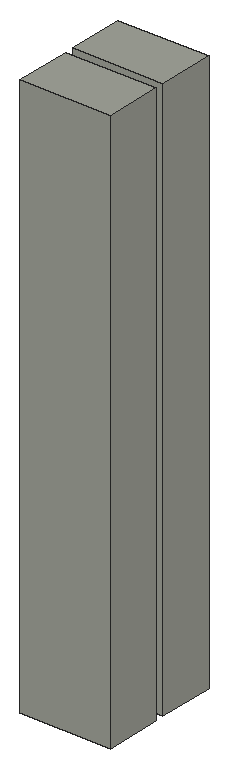
Revit family "CT_Pilar_Con_Retang_Junta", category Structural Columns, Revit 2025
Family settings
  Display in Hidden Views = Edges Hidden by Other Members
  Section Shape = Not Defined
  Material for Model Behavior = Concrete
  Always export as geometry = No
  Beam cutback in plan = From bounding box
  OmniClass Number = 23.25.30.11.14.11
  OmniClass Title = Columns
  Cut with Voids When Loaded = No
  Symbolic Representation = From Family
  Shared = No
  Show family pre-cut in plan views = Yes
Parameters (values of type "PIL_040x054_FAI_CON_RET_JDI")
  b = 0.40 m
  Raio_Coluna = 0.20 m
  H2 = (H1 / 2) - 0.02 m  # 0.25 m
  H1 = 0.54 m
  Structural Material [instance] = CT_Concreto
Reference planes (m)
  plane 1 "Center (Front/Back)": y = -0.172701
  plane 2: z = 0
  plane 3 "Center (Left/Right)": x = 0
  plane 4: x = -0.2
  plane 5: x = 0.2
  plane 6: y = 0.097299
  plane 7: y = -0.442701
  plane 8: y = -0.152701
  plane 9: y = -0.192701
  plane 10: y = -0.072701
Forms (m)
  Extrusion 1, solid, material "CT_Concreto" <- "Structural Material"
    sketch origin (0, 0, 0) x (1, 0, 0) y (0, 1, 0)
      loop
        line (-0.2, 0.097299) -> (-0.2, -0.152701) -> (0.2, -0.152701) -> (0.2, 0.097299) -> (-0.2, 0.097299)
    from 0 to 2.5
  Extrusion 2, solid, material "CT_Concreto" <- "Structural Material"
    sketch origin (0, -0.345403, 0) x (1, 0, 0) y (0, 1, 0)
      loop
        line (-0.2, -0.097299) -> (0.2, -0.097299) -> (0.2, 0.152701) -> (-0.2, 0.152701) -> (-0.2, -0.097299)
    from 0 to 2.5
Dimensions and locks (m)
  equal spacing: plane 4, plane 3 "Center (Left/Right)", plane 5
  "H1": plane 7 to plane 6
  "b": plane 4 to plane 5
  plane 8 to plane 9 = 0.04 m
  equal spacing: plane 8, plane 1 "Center (Front/Back)", plane 9
  "H2": plane 7 to plane 9
  "H2": plane 8 to plane 6
  aligned and locked: level to plane 2
  aligned and locked: Extrusion 1 to plane 6
  aligned and locked: Extrusion 1 to plane 5
  aligned and locked: Extrusion 1 to plane 8
  aligned and locked: Extrusion 2 to plane 9
  aligned and locked: plane 4 to Extrusion 2
  aligned and locked: Extrusion 2 to plane 5
  aligned and locked: plane 7 to Extrusion 2
  aligned and locked: Extrusion 1 to level
  aligned and locked: Extrusion 2 to level
  aligned and locked: level to Extrusion 2
  aligned and locked: level to Extrusion 1
Automatic sketch dimensions
  Extrusion 1 sketch curve to plane 4 = 0.00 m
  plane 6 to Extrusion 1 sketch curve = 0.00 m
  plane 5 to Extrusion 1 sketch curve = 0.00 m
  Extrusion 1 sketch curve to plane 10 = 0.08 m
  Extrusion 2 sketch curve to plane 4 = 0.00 m
  plane 7 to Extrusion 2 sketch curve = 0.00 m
  plane 5 to Extrusion 2 sketch curve = 0.00 m
  plane 9 to Extrusion 2 sketch curve = 0.00 m
